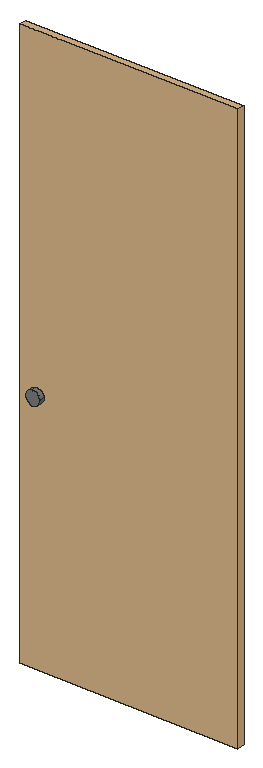
Revit family "PKNail Single", category Doors, host Wall, Revit 2017
Family settings
  Host = Wall
  Always vertical = Yes
  Cut with Voids When Loaded = No
  Shared = No
  Room Calculation Point = No
Parameters (values of type "32" x 84"")
  Width = 2' - 8"
  PKNail Family Lateral Orientation = "Hinged"
  PKNail Family Facing Orientation = "Swinging"
  PKNail Family = "Single"
  Height = 7' - 0"
  Function = Interior
  Assembly Code = ""
Reference planes (in)
  plane 1: y = 0
  plane 2 "Center (Left/Right)": x = 0
  plane 3 "Wall Edge": y = 3
  plane 4: x = -16
  plane 5: x = 16
  plane 6: z = 84
Forms (in)
  Extrusion 1, void
    sketch origin (0, 3, 0) x (1, 0, 0) y (0, 0, 1)
      loop
        line (16, 84) -> (-16, 84) -> (-16, 0) -> (16, 0) -> (16, 84)
    from 0 to 60
  Extrusion 2, solid, material "Door - Panel"
    sketch origin (0, 3, 0) x (1, 0, 0) y (0, 0, 1)
      loop
        line (16, 84) -> (-16, 84) -> (-16, 0) -> (16, 0) -> (16, 84)
    from 0 to 1
  Extrusion 3, solid, material "Door - Knob"
    sketch origin (2.5, 3, 36) x (-1, 0, 0) y (0, 0, 1)
      loop
        circle (16, 0) r 1
    from 0 to 0.75
  Extrusion 4, solid, material "Door - Knob"
    sketch origin (2.5, 2, 36) x (1, 0, 0) y (0, 0, 1)
      loop
        circle (-16, 0) r 1
    from 0 to 0.75
Lines and regions (in)
  symbolic lines
    curve 1: arc (-16, 3, 0) -> (-6.62742, 25.62742, 0) -> (16, 35, 0) r 32
    curve 2: line (16, 3, 0) -> (16, 35, 0)
    curve 3: line (15, 3, 0) -> (15, 35, 0)
Text (in)
  text "Placement Side" at (0, 40.15149, 123.01588), in view "Right"
  text "Placement Side" at (-91.8163, 45.38811, 0), in view "Ref. Level"
  text "Placement Side" at (0, 81.62555, 140.59947), in view "Left"
Dimensions and locks (in)
  locked: plane 3 "Wall Edge" to host wall
  equal spacing: plane 5, plane 2 "Center (Left/Right)", plane 4
  "Width": plane 5 to plane 4
  "Height": level to plane 6
  aligned and locked: plane 5 to Extrusion 1 sketch curve
  aligned and locked: plane 6 to Extrusion 1 sketch curve
  aligned and locked: level to Extrusion 1 sketch curve
  aligned and locked: Extrusion 1 sketch curve to plane 4
  aligned and locked: plane 5 to Extrusion 2 sketch curve
  aligned and locked: plane 6 to Extrusion 2 sketch curve
  aligned and locked: level to Extrusion 2 sketch curve
  aligned and locked: Extrusion 2 sketch curve to plane 4
Automatic sketch dimensions
  curve 1 to host wall = 0' - 0"
  curve 1 to plane 4 = 0' - 0"
  curve 3 to host wall = 0' - 0"
  curve 2 to plane 5 = 0' - 0"
  curve 2 to host wall = 0' - 0"
  curve 3 to plane 5 = 0' - 1"
  curve 3 to curve 1 = 0' - 0"
  Extrusion 3 sketch curve to Extrusion 2 = 3' - 0"
  Extrusion 3 sketch curve to Extrusion 2 = 0' - 2 1/2"
  Extrusion 4 sketch curve to Extrusion 2 = 0' - 2 1/2"
  Extrusion 4 sketch curve to Extrusion 2 = 3' - 0"
  radius of Extrusion 3 sketch curve = 0' - 1"
  radius of Extrusion 4 sketch curve = 0' - 1"
